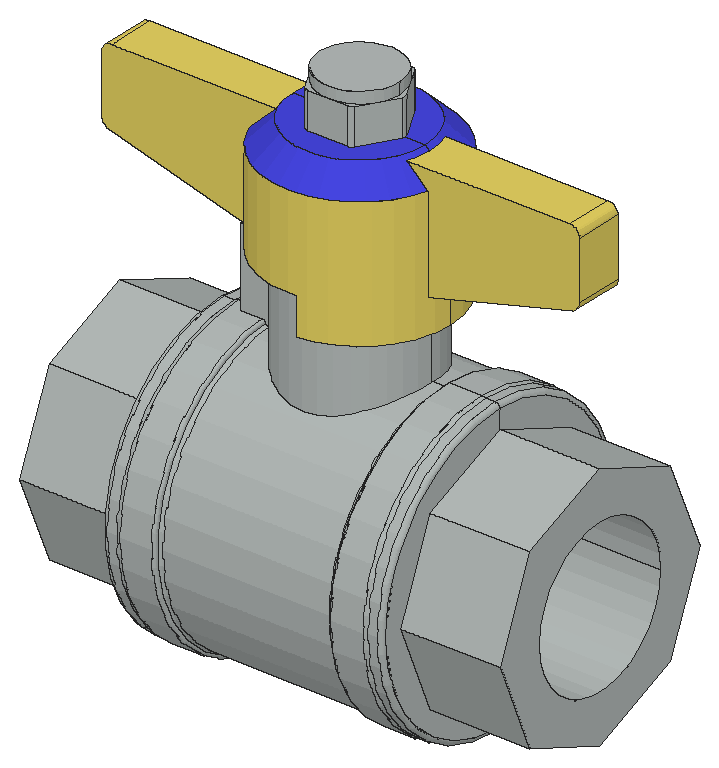
Revit family "QP00200000", category Apparecchi idraulici, Revit 2020
Family settings
  Quota connettore circolare = Usa diametro
  Tipo di parte = Normale
  Numero OmniClass = 23.45.00.00
  Titolo OmniClass = Sanitary, Laundry, and Cleaning Equipment
  Basato su piano di lavoro = No
  Sempre verticale = Sì
  Taglio con vuoti quando caricato = No
  Condiviso = No
  Punto di calcolo locali = No
Parameters
  URL = "https://web.cimberio.it/index.php/figura/358?subcategoria_id="
  Temperatura di esercizio = "-20 ÷ 60°C"
  Prospetto di default = 0 mm
  Produttore = "CIMBERIO SPA"
  Pressione nominale = "MOP 5"
  Modello = "Cim 310G"
  Materiale = "Prodotto in lega di ottone conforme alla norma EN 12165-CW617N-DW"
  Descrizione = "Utilizzato nell’impiantistica distributiva di gas a bassa pressione per le categorie:\r\nGas naturali: gas derivati dal petrolio (Metano) e gas di ricambio.\r\nGas di città: prodotti secondo i diversi procedimenti (Cracking - Cokerie - ecc.).\r\nGas liquidi: propano e miscele di gas propano/butano.\r\nUtilizzato nell’impiantistica distributiva di gas a bassa pressione per le categorie:\r\nGas naturali: gas derivati dal petrolio (Metano) e gas di ricambio.\r\nGas di città: prodotti secondo i diversi procedimenti (Cracking - Cokerie - ecc.).\r\nGas liquidi: propano e miscele di gas propano/butano.\r\nUtilizzato nell’impiantistica distributiva di gas a bassa pressione per le categorie:\r\nGas naturali: gas derivati dal petrolio (Metano) e gas di ricambio.\r\nGas di città: prodotti secondo i diversi procedimenti (Cracking - Cokerie - ecc.).\r\nGas liquidi: propano e miscele di gas propano/butano.\r\nUtilizzato nell’impiantistica distributiva di gas a bassa pressione per le categorie:\r\nGas naturali: gas derivati dal petrolio (Metano) e gas di ricambio.\r\nGas di città: prodotti secondo i diversi procedimenti (Cracking - Cokerie - ecc.).\r\nGas liquidi: propano e miscele di gas propano/butano.\r\nUtilizzato nell’impiantistica distributiva di gas a bassa pressione per le categorie:\r\nGas naturali: gas derivati dal petrolio (Metano) e gas di ricambio.\r\nGas di città: prodotti secondo i diversi procedimenti (Cracking - Cokerie - ecc.).\r\nGas liquidi: propano e miscele di gas propano/butano.\r\nUtilizzato nell’impiantistica distributiva di gas a bassa pressione per le categorie:\r\nGas naturali: gas derivati dal petrolio (Metano) e gas di ricambio.\r\nGas di città: prodotti secondo i diversi procedimenti (Cracking - Cokerie - ecc.).\r\nGas liquidi: propano e miscele di gas propano/butano."
  DN Model [instance] = QP00201032 : QP00201032
  DN [instance] = 32 mm
  Commenti sul tipo = "Realizzato in ottemperanza ai requisiti gestionali della norma EN ISO 9001.\r\nCollaudato al 100% secondo la normativa EN 12266-1."
Reference planes
  plane 1 "Centro (Fronte/Retro)": y = 0
  plane 2: z = 0
  plane 3 "Centro (Sinistra/Destra)": x = 0
Dimensions and locks
  aligned and locked: level to plane 2
Nested families
  nested 1: "QP00201032" at (0, 0, 0), type <- "DN Model", type "QP00201032"
  nested 2: "QP00201032" at (0, 0, 0), type <- "DN Model", type "QP00201032"
  nested 3: "QP00201032" at (0, 0, 0), type <- "DN Model", type "QP00201032"
  nested 4: "QP00201032" at (0, 0, 0), type <- "DN Model", type "QP00201032"
  nested 5: "QP00201032" at (0, 0, 0), type <- "DN Model", type "QP00201032"
  nested 6: "QP00201032" at (0, 0, 0), type <- "DN Model", type "QP00201032"
  nested 7: "QP00201032" at (0, 0, 0), type <- "DN Model", type "QP00201032"
  nested 8: "QP00201032" at (0, 0, 0), type <- "DN Model", type "QP00201032"
Connectors
  piping at (50.25, 0, 0), diameter 32, driven by "DN"
    settings: on nested 1, index 1, connector inside diameter 609.6 mm, connector length 0 mm, flow factor 0, pipe flow 0.0 L/s, pressure drop 0.0 Pa, fitting loss kfactor 0, connector angle 0.00°, fixture units 0, engagement length 0 mm, angle of deflection 0.00°, flow configuration 0, flow direction 0, fitting loss method 0, system type 7, joint type 0, gender type 0, connector reference index -1, connector utility 0, adjustable connector no, is connector primary yes, connector description ""
  piping at (-50.25, 0, 0), diameter 32, driven by "DN"
    settings: on nested 1, index 2, connector inside diameter 609.6 mm, connector length 0 mm, flow factor 0, pipe flow 0.0 L/s, pressure drop 0.0 Pa, fitting loss kfactor 0, connector angle 0.00°, fixture units 0, engagement length 0 mm, angle of deflection 0.00°, flow configuration 0, flow direction 0, fitting loss method 0, system type 7, joint type 0, gender type 0, connector reference index -1, connector utility 0, adjustable connector no, is connector primary no, connector description ""
Definition of nested family "QP00201032"
  Parameters (values of type "QP00201032")
    Default Elevation = 0 mm
  Reference planes
    plane 1 "Centro (Fronte/Retro)": y = 0
    plane 2: z = 0
    plane 3 "Centro (Sinistra/Destra)": x = 0
  Forms (mm)
    Revolve 1, solid
      sketch origin (0, 0, 0) x (1, 0, 0) y (0, 0, 1)
        loop
          line (-29.25, 16) -> (29.25, 16) -> (29.25, 29.751)
          arc (29.25, 29.751) -> (28.957, 30.457) -> (28.25, 30.75) r 1
          line (28.25, 30.75) -> (26.278, 30.75) -> (25.508, 31) -> (18.75, 31)
          arc (18.75, 31) -> (18.411, 30.737) -> (18.224, 30.35) r 0.943
          arc (18.224, 30.35) -> (17.915, 30.027) -> (17.485, 29.909) r 0.839
          line (17.485, 29.909) -> (-17.253, 29.909)
          arc (-17.253, 29.909) -> (-17.742, 29.989) -> (-18.139, 30.285) r 1.048
          arc (-18.139, 30.285) -> (-18.287, 30.784) -> (-18.761, 31) r 0.628
          line (-18.761, 31) -> (-25.355, 31) -> (-26.288, 30.75) -> (-28.25, 30.75)
          arc (-28.25, 30.75) -> (-28.957, 30.457) -> (-29.25, 29.751) r 1
          line (-29.25, 29.751) -> (-29.25, 16)
        axis (-29.25, 0) -> (29.25, 0)
      angle from 0 to 360
    Extrusion 2, solid
      sketch origin (0, 0, 0) x (0, 1, 0) y (0, 0, 1)
        loop
          circle (0, 0) r 16
        loop
          line (0, 26) -> (-18.385, 18.385) -> (-26, 0) -> (-18.385, -18.385) -> (0, -26) -> (18.385, -18.385) -> (26, 0) -> (18.385, 18.385) -> (0, 26)
      from -50.25 to -28.546
    Extrusion 3, solid
      sketch origin (0, 0, 0) x (1, 0, 0) y (0, 1, 0)
        loop
          circle (0, 0) r 15
        loop
          circle (0, 0) r 10
      from 17.617 to 67.442
    Revolve 4, solid
      sketch origin (0, 0, 0) x (1, 0, 0) y (0, 0, 1)
        loop
          line (0, 73.966) -> (-13.894, 73.966) -> (-18.946, 68.914) -> (-18.946, 41.891) -> (-15.446, 41.891) -> (-15.446, 68.914) -> (0, 68.914) -> (0, 73.966)
        axis (0, 73.966) -> (0, 41.891)
      angle from 0 to 360
    Extrusion 5, void
      sketch origin (0, 0, 0) x (1, 0, 0) y (0, 1, 0)
        loop
          arc (-18.946, 0) -> (-12.738, -14.025) -> (1.819, -18.859) r 18.946
          line (1.819, -18.859) -> (1.819, -15.339)
          arc (1.819, -15.339) -> (-10.259, -11.547) -> (-15.446, 0) r 15.446
          line (-15.446, 0) -> (-18.946, 0)
      from 41.891 to 49.715
    Extrusion 6, solid
      sketch origin (0, 0, 0) x (1, 0, 0) y (0, 1, 0)
        loop
          line (9.364, 0.576) -> (5.207, 7.776)
          arc (5.207, 7.776) -> (4.752, 8.231) -> (4.131, 8.398) r 1.243
          line (4.131, 8.398) -> (-4.135, 8.398)
          arc (-4.135, 8.398) -> (-4.753, 8.232) -> (-5.205, 7.78) r 1.235
          line (-5.205, 7.78) -> (-9.361, 0.581)
          arc (-9.361, 0.581) -> (-9.517, 0) -> (-9.361, -0.581) r 1.162
          line (-9.361, -0.581) -> (-5.181, -7.822)
          arc (-5.181, -7.822) -> (-4.759, -8.243) -> (-4.184, -8.398) r 1.151
          line (-4.184, -8.398) -> (4.153, -8.398)
          arc (4.153, -8.398) -> (4.755, -8.236) -> (5.196, -7.795) r 1.204
          line (5.196, -7.795) -> (9.364, -0.576)
          arc (9.364, -0.576) -> (9.519, 0) -> (9.364, 0.576) r 1.151
      from 73.966 to 81.4
    Extrusion 7, solid
      sketch origin (0, 0, 0) x (1, 0, 0) y (0, 1, 0)
        loop
          circle (0, 0) r 8.3
      from 81.4 to 83.7
    Extrusion 8, solid
      sketch origin (0, 0, 0) x (1, 0, 0) y (0, 1, 0)
        loop
          line (-23.241, 0) -> (-23.241, -2.103) -> (-12.933, -2.103) -> (-12.933, 0) -> (-23.241, 0)
      from 26.237 to 47.189
    Extrusion 9, solid
      sketch origin (0, 0, 0) x (0, 1, 0) y (0, 0, -1)
        loop
          circle (0, 0) r 16
        loop
          line (0, -26) -> (18.385, -18.385) -> (26, 0) -> (18.385, 18.385) -> (0, 26) -> (-18.385, 18.385) -> (-26, 0) -> (-18.385, -18.385) -> (0, -26)
      from -50.25 to -28.546
    Extrusion 10, solid
      sketch origin (0, 0, 0) x (1, 0, 0) y (0, 0, 1)
        loop
          arc (-48, 73.2) -> (-49.414, 72.614) -> (-50, 71.2) r 2
          line (-50, 71.2) -> (-50, 59.132)
          arc (-50, 59.132) -> (-49.587, 57.914) -> (-48.518, 57.2) r 2
          line (-48.518, 57.2) -> (-12.87, 47.648) -> (-12.87, 73.2) -> (-48, 73.2)
        loop
          line (48, 73.2) -> (12.87, 73.2) -> (12.87, 47.648) -> (48.518, 57.2)
          arc (48.518, 57.2) -> (49.587, 57.914) -> (50, 59.132) r 2
          line (50, 59.132) -> (50, 71.2)
          arc (50, 71.2) -> (49.414, 72.614) -> (48, 73.2) r 2
      from -5 to 5
  Cuts and joins
    Extrusion 5 cuts Revolve 1
    Extrusion 5 cuts Revolve 4
  Dimensions and locks
    aligned and locked: level to plane 2
